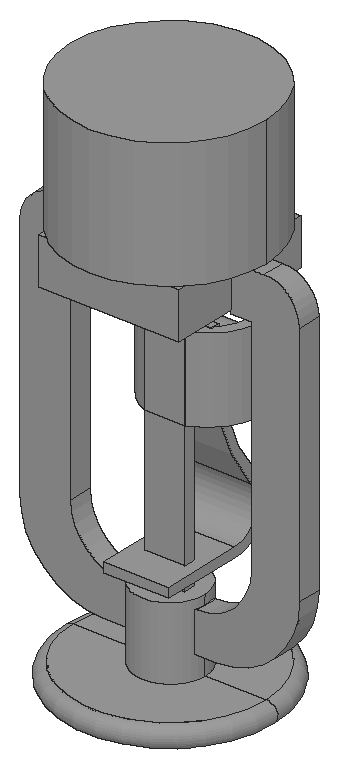
Revit family
Parameters (values of type "RASCO G PENDENT")
  Temperature Rating = 286 °F
  Response = (empty or 0)
  RASCO SIN # = "R1017"
  RASCO Part # = "GP3LB"
  Pressure Rating = "175 PSI"
  Pressure Class = (empty or 0)
  Orifice Size = 17/32"
  Orifice = (empty or 0)
  Model = "G"
  Manufacturer = "RASCO"
  K-Factor = 8.2
  Description = "Bronze Finish"
  Coverage = (empty or 0)
Reference planes (in)
  plane 1 "Center (Front/Back)": y = 0
  plane 2: z = 0
  plane 3 "Center (Left/Right)": x = 0
Dimensions and locks (in)
  aligned and locked: plane 2 to level
Nested families (in)
  nested 1: "GP3LB" at (-0.00619, -0.20089, 2.937) x (-1, 0, 0) z (0, 0, -1), type "RASCO G PENDENT"
Connectors (in)
  piping at (-0.00619, -0.20089, 2.937)
    settings: on nested 1, index 1, connector radius 1/2", flow factor 0, pipe flow 0 GPM, pressure drop 0.00 psi, fitting loss kfactor 0, connector angle 0.00°, fixture units 0, flow configuration 0, flow direction 0, fitting loss method 0, system type 7, connector reference index -1, connector utility 0, adjustable connector no, is connector primary yes, fitting loss table "", connector description ""
Definition of nested family "GP3LB"
  Parameters (values of type "RASCO G PENDENT")
    Type Comments = ""
    Temperature Rating = 0 °F
    Response = (empty or 0)
    Pressure Rating = "0"
    Pressure Class = (empty or 0)
    Orifice Size = 0"
    Orifice = (empty or 0)
    Model = ""
    Manufacturer = ""
    K-Factor = 0
    Description = ""
    Coverage = (empty or 0)
    Assembly Code = ""
  Reference planes (in)
    plane 1 "Center (Front/Back)": y = 0
    plane 2: z = 0
    plane 3 "ref.2": z = 0.6875
    plane 4 "ref.3": z = 0.9375
    plane 5: x = -0.38065
    plane 6: x = 0.36935
    plane 7 "ref. side 1": y = 0.06402
    plane 8 "ref. side 2": y = -0.06098
    plane 9 "ref.4": z = 1.875
    plane 10 "ref.5": z = 2.937
    plane 11 "center": x = -0.00574
  Forms (in)
    Extrusion 1, solid, material "Default"
      sketch origin (0, 0, 0) x (1, 0, 0) y (0, 1, 0)
        loop
          circle (0, 0) r 0.5245
      from 0 to 0.6875
    Extrusion 2, solid, material "Default"
      sketch origin (-0.12185, 0.05177, 0.6875) x (1, 0, 0) y (0, 1, 0)
        loop
          line (-0.2588, 0.356) -> (-0.2588, -0.4565) -> (0.4912, -0.4565) -> (0.4912, 0.356) -> (-0.2588, 0.356)
      from 0 to 0.25
    Extrusion 3, solid, material "Default"
      sketch origin (-0.00034, 0, 0.01527) x (1, 0, 0) y (0, 0, 1)
        loop
          line (-0.49248, 0.9375) -> (-0.49248, 2.1327)
          arc (-0.49248, 2.1327) -> (-0.40724, 2.33849) -> (-0.20145, 2.42373) r 0.29103
          line (-0.20145, 2.42373) -> (0.18108, 2.42373)
          arc (0.18108, 2.42373) -> (0.38905, 2.33759) -> (0.47519, 2.12963) r 0.29411
          line (0.47519, 2.12963) -> (0.47519, 0.9375) -> (0.36935, 0.9375) -> (0.36935, 0.6875) -> (0.55741, 0.6875)
          arc (0.55741, 0.6875) -> (0.69165, 0.7431) -> (0.74725, 0.87734) r 0.18984
          line (0.74725, 0.87734) -> (0.74725, 2.19113)
          arc (0.74725, 2.19113) -> (0.61669, 2.50631) -> (0.3015, 2.63687) r 0.44574
          line (0.3015, 2.63687) -> (-0.30719, 2.63687)
          arc (-0.30719, 2.63687) -> (-0.62225, 2.50637) -> (-0.75275, 2.19131) r 0.44556
          line (-0.75275, 2.19131) -> (-0.75275, 0.87876)
          arc (-0.75275, 0.87876) -> (-0.69673, 0.74352) -> (-0.56149, 0.6875) r 0.19126
          line (-0.56149, 0.6875) -> (-0.38065, 0.6875) -> (-0.38065, 0.9375) -> (-0.49248, 0.9375)
      from -0.06402 to 0.06098
    Extrusion 4, solid, material "Default"
      sketch origin (-0.00199, 0, 2.4995) x (-1, 0, 0) y (0, -1, 0)
        loop
          circle (0.00574, -0.00152) r 0.1875
      from -0.10571 to 0.4375
    Revolve 5, solid, material "Default"
      sketch origin (-0.00271, 0, 0.37011) x (1, 0, 0) y (0, 0, 1)
        loop
          line (-0.00574, 2.41148) -> (-0.00574, 2.52696) -> (-0.52388, 2.52696)
          arc (-0.52388, 2.52696) -> (-0.58162, 2.46922) -> (-0.52388, 2.41148) r 0.05774
          line (-0.52388, 2.41148) -> (-0.00574, 2.41148)
        axis (-0.00574, 2.41148) -> (-0.00574, 2.52696)
      angle from 0 to 360
    Extrusion 6, solid, material "Default"
      sketch origin (0, 0, 0.9375) x (-1, 0, 0) y (0, -1, 0)
        loop
          line (-0.10175, -0.02852) -> (0.11324, -0.02852) -> (0.11324, 0.03101) -> (-0.10175, 0.03101) -> (-0.10175, -0.02852)
      from 0 to 1.45629
    Extrusion 7, solid, material "Default"
      sketch origin (-0.00574, -0.0095, -0.07537) x (0, 0, -1) y (0, -1, 0)
        loop
          line (-2.39379, 0.21198) -> (-2.39379, -0.229)
          arc (-2.39379, -0.229) -> (-2.26956, -0.41579) -> (-2.04926, -0.37342) r 0.20254
          arc (-2.04926, -0.37342) -> (-1.6599, -0.16721) -> (-1.22163, -0.12207) r 1.15319
          line (-1.22163, -0.12207) -> (-1.22163, -0.07087)
          arc (-1.22163, -0.07087) -> (-1.6782, -0.11947) -> (-2.0834, -0.33544) r 1.20419
          arc (-2.0834, -0.33544) -> (-2.24878, -0.36919) -> (-2.34279, -0.229) r 0.15154
          line (-2.34279, -0.229) -> (-2.34279, 0.21198) -> (-2.39379, 0.21198)
      from -0.17255 to 0.17398
    Extrusion 8, solid, material "Default"
      sketch origin (0, 0, 0) x (1, 0, 0) y (0, 1, 0)
        loop
          arc (0.23993, 0.23051) -> (0.19768, 0.11115) -> (0.10175, 0.02852) r 0.24647
          line (0.10175, 0.02852) -> (-0.11324, 0.02852)
          arc (-0.11324, 0.02852) -> (-0.21767, 0.12447) -> (-0.25194, 0.2621) r 0.24647
          line (-0.25194, 0.2621) -> (-0.25194, 0.40777) -> (-0.30719, 0.40777) -> (-0.30719, 0.25942)
          arc (-0.30719, 0.25942) -> (-0.25653, 0.08328) -> (-0.11324, -0.03101) r 0.30157
          line (-0.11324, -0.03101) -> (0.10175, -0.03101)
          arc (0.10175, -0.03101) -> (0.24461, 0.08262) -> (0.29574, 0.25785) r 0.30157
          line (0.29574, 0.25785) -> (0.29574, 0.40777) -> (0.23993, 0.40777) -> (0.23993, 0.23051)
      from 1.14626 to 1.59756
    Extrusion 9, solid, material "Default"
      sketch origin (-0.00574, -0.0095, -0.07537) x (0, 0, -1) y (0, -1, 0)
        loop
          circle (-1.44728, -0.26892) r 0.13147
      from -0.24568 to 0.24619
  Cuts and joins
    joined: Extrusion 1, Extrusion 2, Revolve 5
  Dimensions and locks (in)
    plane 10 "ref.5" to level = 2.937"
